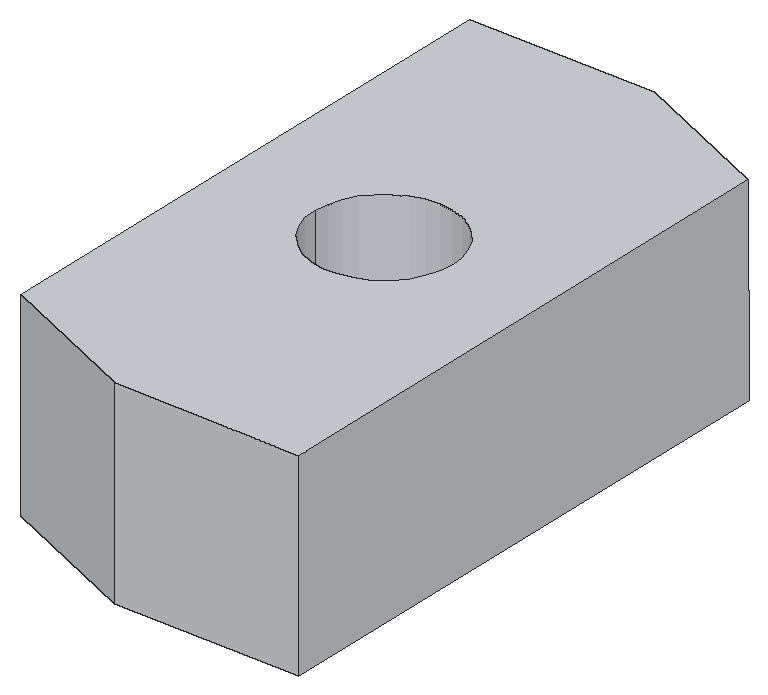
Revit family "Zahnplatte S", category HLS-Bauteile, Revit 2017
Family settings
  Bemaßung runder Anschluss = Durchmesser verwenden
  Teiletyp = Normal
  Arbeitsebenenbasiert = Ja
  Immer vertikal = Nein
  Beim Laden mit Abzugskörper schneiden = Nein
  Gemeinsam genutzt = Ja
  Raumberechnungspunkt = Nein
Parameters (values of type "Zahnplatte S M10")
  vpe = "100 St"
  d2 = 4.2 mm
  Default Elevation = 1219.2 mm
  Stärke Material = 8 mm
  Schienenbreite = "45 mm"
  S = 12 mm
  Regelhalter [instance] = ""
  Profiltyp = "45"
  Profil = "C-Profil"
  Plattentyp = ""
  Oberflaeche = "galvanisch verzinkt"
  Mengeneinheit = "St"
  Material = "Stahl"
  Länge = 36 mm
  Kurztext2 = "M10 36 x 20 mm gvz"
  Kurztext1 = "Zahnplatte S"
  Gewinde = "M10"
  Gewicht pro Bauteil = Gewicht  # 0.0578 kg
  Gewicht = 0.0578 kg
  Form = "einschwenkbar"
  Firma = "MEFA Befestigungs- und Montagesysteme GmbH"
  Fabrikat = "MEFA"
  EAN = "4250928420572"
  Deckentyp = ""
  Breite = 20 mm
  B = 38 mm
  Artikelnummer = "0818102"
  Anzugsmoment = 0 N·m
  Abmessung = "36 x 20 x 8 mm"
Types (4, lengths in mm): name | d2 | Kurztext2 | Gewinde | Gewicht pro Bauteil | Gewicht | EAN | Artikelnummer
  (no name) | 4.2 | "M10 36 x 20 mm gvz" | "M10" | 0.0578 kg | 0.0578 kg | "4250928420572" | "0818102"
  Zahnplatte S M10 | 4.2 | "M10 36 x 20 mm gvz" | "M10" | 0.0578 kg | 0.0578 kg | "4250928420572" | "0818102"
  Zahnplatte S M 8 | 3.3 | "M8 36 x 20 mm gvz" | "M8" | 0.06 kg | 0.06 kg | "4250928449108" | "0818101"
  Zahnplatte S M12 | 5.1 | "M12 36 x 20 mm gvz" | "M12" | 0.0554 kg | 0.0554 kg | "4250928449122" | "0818103"
Reference planes
  plane 1 "Mitte (Vorne/hinten)": y = 0
  plane 2: z = 0
  plane 3 "Mitte (Links/rechts)": x = 0
  plane 4: z = 12
Forms (mm)
  Extrusion 1, solid
    sketch origin (-17.5, 0, 0) x (1, 0, 0) y (0, 1, 0)
      loop
        line (18.7, 19) -> (7.5, 19) -> (7.5, 0) -> (7.5, -15.155) -> (16.3, -19) -> (27.5, -19) -> (27.5, 15.155) -> (18.7, 19)
    from 0 to 12
  Extrusion 2, void
    sketch origin (0, 0, 0) x (1, 0, 0) y (0, 1, 0)
      loop
        circle (0, 0) r 4.2
    from -50 to 50
Cuts and joins
  Extrusion 2 cuts Extrusion 1
Dimensions and locks
  "B": Extrusion 1 sketch curve to Extrusion 1 sketch curve
  equal spacing: cut or joined group of Extrusion 1, Extrusion 2, plane 1 "Mitte (Vorne/hinten)", cut or joined group of Extrusion 1, Extrusion 2
  cut or joined group of Extrusion 1, Extrusion 2 to plane 4 = 12 mm
  "d2": radius of Extrusion 2 sketch curve
  aligned and locked: level to plane 2
  aligned and locked: cut or joined group of Extrusion 1, Extrusion 2 to level
  aligned and locked: plane 4 to cut or joined group of Extrusion 1, Extrusion 2
Automatic sketch dimensions
  plane 1 "Mitte (Vorne/hinten)" to Extrusion 1 sketch curve = 0 mm
  Extrusion 1 sketch curve to plane 3 "Mitte (Links/rechts)" = 10 mm
  Extrusion 1 sketch curve to plane 3 "Mitte (Links/rechts)" = 1.2 mm
  plane 3 "Mitte (Links/rechts)" to Extrusion 1 sketch curve = 1.2 mm
  Extrusion 1 sketch curve to Extrusion 1 sketch curve = 8.8 mm
  plane 1 "Mitte (Vorne/hinten)" to Extrusion 1 sketch curve = 15.155 mm
  plane 1 "Mitte (Vorne/hinten)" to Extrusion 1 sketch curve = 19 mm
  Extrusion 1 sketch curve to Extrusion 1 sketch curve = 3.845 mm
  plane 1 "Mitte (Vorne/hinten)" to Extrusion 2 sketch curve = 0 mm
  Extrusion 2 sketch curve to plane 3 "Mitte (Links/rechts)" = 0 mm
